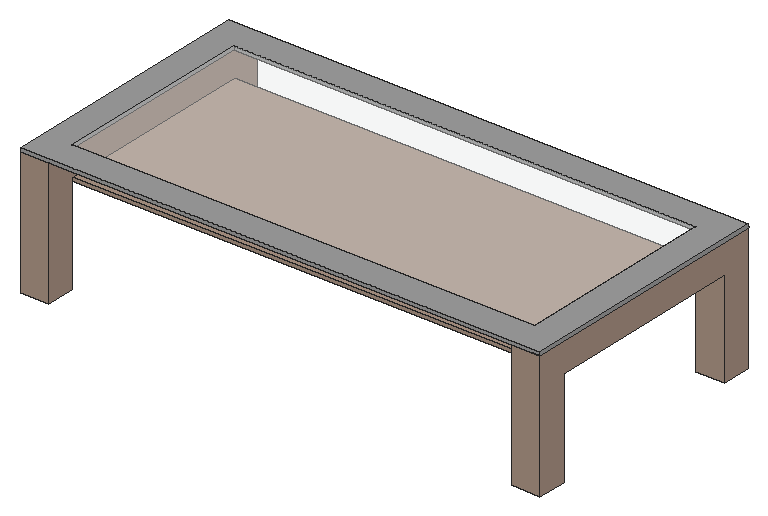
Revit family "Table-Coffee", category Furniture, Revit 2018
Family settings
  OmniClass Number = 23.40.20.14.17.24
  OmniClass Title = Coffee Tables
  Work Plane-Based = No
  Always vertical = Yes
  Cut with Voids When Loaded = No
  Shared = Yes
  Room Calculation Point = No
Parameters (values of type "36" x 72" x 18"")
  Top Material = Steel, Chrome Plated
  Frame Material = Wood - Teak
  Assembly Code = "E2020200"
  Height = 1' - 6"
  Length = 6' - 0"
  Width = 3' - 0"
Types (4): name | Top Material | Frame Material | Height | Length | Width
  (no name) | Steel, Chrome Plated | Wood - Teak | 1' - 6" | 6' - 0" | 3' - 0"
  24" x 24" x 24" | none | none | 2' - 0" | 2' - 0" | 2' - 0"
  31" x 28" x 24" | none | none | 2' - 4" | 2' - 0" | 2' - 7"
  36" x 72" x 18" | Steel, Chrome Plated | Wood - Teak | 1' - 6" | 6' - 0" | 3' - 0"
Reference planes (in)
  plane 1 "Center (Front/Back)": y = 3.74847
  plane 2: z = 0
  plane 3 "Center (Left/Right)": x = 0.71912
  plane 4 "Front": y = -14.25153
  plane 5 "Left": x = -35.28088
  plane 6 "Right": x = 36.71912
  plane 7 "Back": y = 21.74847
  plane 8 "Top": z = 18
Forms (in)
  Extrusion 1, solid, material "Steel, Chrome Plated" <- "Top Material"
    sketch origin (0, 0, 18) x (-1, 0, 0) y (0, -1, 0)
      loop
        line (35.28088, -21.74847) -> (35.28088, 14.25153) -> (-36.71912, 14.25153) -> (-36.71912, -21.74847) -> (35.28088, -21.74847)
      loop
        line (31.28088, -17.74847) -> (31.28088, 10.25153) -> (-32.71912, 10.25153) -> (-32.71912, -17.74847) -> (31.28088, -17.74847)
    from 0 to -0.5
  Extrusion 2, solid, material "Glass - Clear, Grey"
    sketch origin (0, 0, 18) x (-1, 0, 0) y (0, -1, 0)
      loop
        line (31.28088, -17.74847) -> (31.28088, 10.25153) -> (-32.71912, 10.25153) -> (-32.71912, -17.74847) -> (31.28088, -17.74847)
    from 0 to -0.5
  Extrusion 3, solid, material "Wood - Teak" <- "Frame Material"
    sketch origin (-35.28088, 0, 0) x (0, 0, -1) y (0, -1, 0)
      loop
        line (0, -21.74847) -> (0, -17.74847) -> (-13.5, -17.74847) -> (-13.5, 10.25153) -> (0, 10.25153) -> (0, 14.25153) -> (-17.5, 14.25153) -> (-17.5, -21.74847) -> (0, -21.74847)
    from 0 to -4
  Extrusion 4, solid, material "Wood - Teak" <- "Frame Material"
    sketch origin (36.71912, 0, 0) x (0, 0, -1) y (0, -1, 0)
      loop
        line (0, -17.74847) -> (-13.5, -17.74847) -> (-13.5, 10.25153) -> (0, 10.25153) -> (0, 14.25153) -> (-17.5, 14.25153) -> (-17.5, -21.74847) -> (0, -21.74847) -> (0, -17.74847)
    from 0 to 4
  Extrusion 5, solid, material "Wood - Teak" <- "Frame Material"
    sketch origin (0, 0, 18) x (-1, 0, 0) y (0, -1, 0)
      loop
        line (31.28088, -17.74847) -> (31.28088, 10.25153) -> (-32.71912, 10.25153) -> (-32.71912, -17.74847) -> (31.28088, -17.74847)
    from -4 to -4.5
Lines and regions (in)
  Masking region 1
    outline origin (0, 0, 0) x (1, 0, 0) y (0, 1, 0)
      loop
        line (-35.28088, 21.74847) -> (-35.28088, -14.25153) -> (36.71912, -14.25153) -> (36.71912, 21.74847) -> (-35.28088, 21.74847)
  symbolic lines, style "Furniture"
    curve 1: line (-31.28088, 17.74847, 0) -> (32.71912, 17.74847, 0)
    curve 2: line (-31.28088, -10.25153, 0) -> (-31.28088, 17.74847, 0)
    curve 3: line (32.71912, -10.25153, 0) -> (-31.28088, -10.25153, 0)
    curve 4: line (32.71912, 17.74847, 0) -> (32.71912, -10.25153, 0)
Dimensions and locks (in)
  equal spacing: plane 5 "Left", plane 3 "Center (Left/Right)", plane 6 "Right"
  "Length": plane 5 "Left" to plane 6 "Right"
  equal spacing: plane 4 "Front", plane 1 "Center (Front/Back)", plane 7 "Back"
  "Width": plane 4 "Front" to plane 7 "Back"
  "Height": plane 2 to plane 8 "Top"
  locked: Extrusion 1 sketch curve to plane 7 "Back" at 4
  locked: Extrusion 1 sketch curve to plane 4 "Front" at 4
  locked: Extrusion 3 sketch curve to plane 8 "Top" at 4.5
  locked: Extrusion 4 sketch curve to plane 8 "Top" at 4.5
  aligned and locked: level to plane 2
  aligned and locked: Extrusion 2 sketch curve to Extrusion 1  (x4)
  aligned and locked: Extrusion 1 to Extrusion 5 sketch curve
  aligned and locked: Extrusion 5 sketch curve to Extrusion 2  (x3)
  aligned and locked: plane 6 "Right" to Masking region 1 sketch curve
  aligned and locked: plane 7 "Back" to Masking region 1 sketch curve
  aligned and locked: Masking region 1 sketch curve to plane 5 "Left"
  aligned and locked: Masking region 1 sketch curve to plane 4 "Front"
Automatic sketch dimensions
  Extrusion 1 sketch curve to plane 6 "Right" = 0' - 0"
  Extrusion 1 sketch curve to plane 4 "Front" = 0' - 0"
  Extrusion 1 sketch curve to plane 5 "Left" = 0' - 0"
  Extrusion 1 sketch curve to plane 7 "Back" = 0' - 0"
  plane 6 "Right" to Extrusion 1 sketch curve = 0' - 4"
  Extrusion 1 sketch curve to plane 5 "Left" = 0' - 4"
  Extrusion 3 sketch curve to plane 7 "Back" = 0' - 0"
  Extrusion 3 sketch curve to plane 4 "Front" = 0' - 0"
  Extrusion 3 sketch curve to level = 0' - 0"  (x2)
  plane 8 "Top" to Extrusion 3 sketch curve = 0' - 0 1/2"
  Extrusion 3 sketch curve to Extrusion 3 sketch curve = 0' - 4"  (x2)
  Extrusion 4 sketch curve to plane 4 "Front" = 0' - 0"
  Extrusion 4 sketch curve to plane 7 "Back" = 0' - 0"
  Extrusion 4 sketch curve to level = 0' - 0"  (x2)
  Extrusion 4 sketch curve to plane 4 "Front" = 0' - 4"
  plane 8 "Top" to Extrusion 4 sketch curve = 0' - 0 1/2"
  plane 7 "Back" to Extrusion 4 sketch curve = 0' - 4"
  curve 3 to plane 4 "Front" = 0' - 4"
  plane 6 "Right" to curve 4 = 0' - 4"
  curve 2 to plane 5 "Left" = 0' - 4"
  plane 7 "Back" to curve 2 = 0' - 4"
